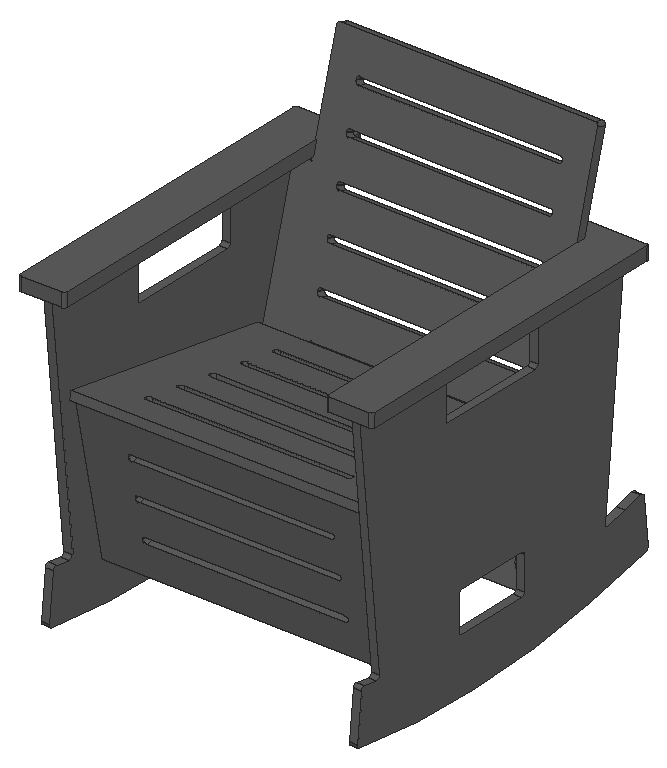
Revit family "Lollygagger Go Club Rocker", category Furniture, Revit 2016
Family settings
  OmniClass Number = 23.40.20.00
  OmniClass Title = General Furniture and Specialties
  Work Plane-Based = No
  Always vertical = Yes
  Cut with Voids When Loaded = No
  Shared = No
  Room Calculation Point = No
Parameters (values of type "Loll-Black")
  Width = 2' - 2"  # constant formula
  URL = "https://lolldesigns.com/"
  Type Image = go_club rocker.jpg
  Thick = 0' - 1"  # constant formula
  Model = ""
  Manufacturer = "Loll"  # constant formula
  Length = 2' - 2 5/8"  # constant formula
  Height Top = 2' - 0"  # constant formula
  Finish Material = Loll-Black
  Apron = 1' - 3 3/4"  # constant formula
Reference planes (in)
  plane 1 "Center Front/Back": y = 0
  plane 2: z = 0
  plane 3 "Center Left/Right": x = 0
  plane 4: z = 24
  plane 5: z = 23
  plane 6: y = 13
  plane 7: y = -13
  plane 8: z = 7.25
  plane 9: x = -13.3125
  plane 10: x = 13.3125
  plane 11: y = 9.97754
  plane 12: y = -9.97778
  plane 13: x = 11.875
  plane 14: x = 11.25
  plane 15: x = -11.875
  plane 16: x = -11.25
  plane 17: x = -9.8125
  plane 18: x = 9.8125
  plane 19: through (0, 12.90709, 32.04181) normal (0, -0.9613, 0.2756)
  plane 20: through (0, 13.50788, 31.86953) normal (0, -0.9613, 0.2756)
  plane 21: through (-60.54339, -180.30144, 45.90478) normal (0, 0.1736, 0.9848)
  plane 22: through (-60.54339, -180.40997, 45.28927) normal (0, 0.1736, 0.9848)
Forms (in)
  Extrusion 1, solid, material "Loll-Black" <- "Finish Material"
    sketch origin (8.0625, 0.28155, 0) x (1, 0, 0) y (0, 1, 0)
      loop
        arc (-21.1258, 12.71845) -> (-21.30201, 12.64546) -> (-21.375, 12.46925) r 0.2492
        line (-21.375, 12.46925) -> (-21.375, -13.03428)
        arc (-21.375, -13.03428) -> (-21.30258, -13.20912) -> (-21.12773, -13.28155) r 0.24727
        line (-21.12773, -13.28155) -> (-18.12227, -13.28155)
        arc (-18.12227, -13.28155) -> (-17.94742, -13.20912) -> (-17.875, -13.03428) r 0.24727
        line (-17.875, -13.03428) -> (-17.875, 10.72442)
        arc (-17.875, 10.72442) -> (-17.80178, 10.9012) -> (-17.625, 10.97442) r 0.25
        line (-17.625, 10.97442) -> (-16.625, 10.97442)
        arc (-16.625, 10.97442) -> (-16.44822, 11.04765) -> (-16.375, 11.22442) r 0.25
        line (-16.375, 11.22442) -> (-16.375, 12.46925)
        arc (-16.375, 12.46925) -> (-16.44799, 12.64546) -> (-16.6242, 12.71845) r 0.2492
        line (-16.6242, 12.71845) -> (-21.1258, 12.71845)
    from 23 to 24
  Extrusion 2, solid, material "Loll-Black" <- "Finish Material"
    sketch origin (-10.5, 0, 0) x (0, 1, 0) y (0, 0, 1)
      loop
        line (12.39892, 23) -> (4.37245, 23) -> (4.37245, 19.25)
        arc (4.37245, 19.25) -> (4.29923, 19.07322) -> (4.12245, 19) r 0.25
        line (4.12245, 19) -> (-4.12245, 19)
        arc (-4.12245, 19) -> (-4.29923, 19.07322) -> (-4.37245, 19.25) r 0.25
        line (-4.37245, 19.25) -> (-4.37245, 23) -> (-12.39892, 23) -> (-10.4896, 4.8341)
        arc (-10.4896, 4.8341) -> (-10.56457, 4.62813) -> (-10.77303, 4.5604) r 0.25
        line (-10.77303, 4.5604) -> (-11.94806, 4.72554)
        arc (-11.94806, 4.72554) -> (-12.13676, 4.67497) -> (-12.23148, 4.5041) r 0.25
        line (-12.23148, 4.5041) -> (-12.5975, 1.02168)
        arc (-12.5975, 1.02168) -> (-12.54352, 0.83867) -> (-12.37616, 0.74704) r 0.25
        line (-12.37616, 0.74704) -> (-6.98369, 0.15476) -> (-1.59178, 0.00395) -> (4.00288, 0.3065) -> (9.19313, 1.03594) -> (14.43463, 2.19533)
        arc (14.43463, 2.19533) -> (14.5835, 2.29332) -> (14.62927, 2.46557) r 0.25
        line (14.62927, 2.46557) -> (14.25865, 5.99185)
        arc (14.25865, 5.99185) -> (14.15215, 6.17138) -> (13.94656, 6.20753) r 0.25
        line (13.94656, 6.20753) -> (12.54978, 5.84098) -> (10.88859, 5.44919)
        arc (10.88859, 5.44919) -> (10.66599, 5.50488) -> (10.58257, 5.71864) r 0.25
        line (10.58257, 5.71864) -> (12.39892, 23)
      loop
        arc (2.85134, 4.20853) -> (3.02811, 4.28175) -> (3.10134, 4.45853) r 0.25
        line (3.10134, 4.45853) -> (3.10134, 7.01155)
        arc (3.10134, 7.01155) -> (3.02811, 7.18832) -> (2.85134, 7.26155) r 0.25
        line (2.85134, 7.26155) -> (-2.85134, 7.26155)
        arc (-2.85134, 7.26155) -> (-3.02811, 7.18832) -> (-3.10134, 7.01155) r 0.25
        line (-3.10134, 7.01155) -> (-3.10134, 4.45853)
        arc (-3.10134, 4.45853) -> (-3.02811, 4.28175) -> (-2.85134, 4.20853) r 0.25
        line (-2.85134, 4.20853) -> (2.85134, 4.20853)
    from -1.375 to -0.75
  Extrusion 3, solid, material "Loll-Black" <- "Finish Material"
    sketch origin (-11.5, 5.46875, 16) x (1, 0, 0) y (0, -1, 0)
      loop
        line (0.44239, 15.2162) -> (-0.55971, 15.2162)
        arc (-0.55971, 15.2162) -> (-1.1804, 14.9591) -> (-1.4375, 14.33841) r 0.87779
        line (-1.4375, 14.33841) -> (-1.4375, 13.33174)
        arc (-1.4375, 13.33174) -> (-1.18399, 12.71971) -> (-0.57196, 12.4662) r 0.86554
        line (-0.57196, 12.4662) -> (0.44086, 12.4662)
        arc (0.44086, 12.4662) -> (1.0572, 12.7215) -> (1.3125, 13.33784) r 0.87164
        line (1.3125, 13.33784) -> (1.3125, 14.34609)
        arc (1.3125, 14.34609) -> (1.05765, 14.96135) -> (0.44239, 15.2162) r 0.87011
      loop
        circle (0.81039, 13.83944) r 0.15388
      loop
        circle (-0.93539, 13.83944) r 0.15388
    from -7 to -6.75
  Extrusion 4, solid, material "Loll-Black" <- "Finish Material"
    sketch origin (-8.0625, 0.28155, 0) x (-1, 0, 0) y (0, -1, 0)
      loop
        line (-21.1258, -12.71845) -> (-16.6242, -12.71845)
        arc (-16.6242, -12.71845) -> (-16.44799, -12.64546) -> (-16.375, -12.46925) r 0.2492
        line (-16.375, -12.46925) -> (-16.375, -11.22442)
        arc (-16.375, -11.22442) -> (-16.44822, -11.04765) -> (-16.625, -10.97442) r 0.25
        line (-16.625, -10.97442) -> (-17.625, -10.97442)
        arc (-17.625, -10.97442) -> (-17.80178, -10.9012) -> (-17.875, -10.72442) r 0.25
        line (-17.875, -10.72442) -> (-17.875, 13.03428)
        arc (-17.875, 13.03428) -> (-17.94742, 13.20912) -> (-18.12227, 13.28155) r 0.24727
        line (-18.12227, 13.28155) -> (-21.12773, 13.28155)
        arc (-21.12773, 13.28155) -> (-21.30258, 13.20912) -> (-21.375, 13.03428) r 0.24727
        line (-21.375, 13.03428) -> (-21.375, -12.46925)
        arc (-21.375, -12.46925) -> (-21.30201, -12.64546) -> (-21.1258, -12.71845) r 0.2492
    from 23 to 24
  Extrusion 5, solid, material "Loll-Black" <- "Finish Material"
    sketch origin (-11.5, 21.33866, 16) x (1, 0, 0) y (0, -1, 0)
      loop
        line (0.44239, 15.2162) -> (-0.55971, 15.2162)
        arc (-0.55971, 15.2162) -> (-1.1804, 14.9591) -> (-1.4375, 14.33841) r 0.87779
        line (-1.4375, 14.33841) -> (-1.4375, 13.33174)
        arc (-1.4375, 13.33174) -> (-1.18399, 12.71971) -> (-0.57196, 12.4662) r 0.86554
        line (-0.57196, 12.4662) -> (0.44086, 12.4662)
        arc (0.44086, 12.4662) -> (1.0572, 12.7215) -> (1.3125, 13.33784) r 0.87164
        line (1.3125, 13.33784) -> (1.3125, 14.34609)
        arc (1.3125, 14.34609) -> (1.05765, 14.96135) -> (0.44239, 15.2162) r 0.87011
      loop
        circle (0.81039, 13.83944) r 0.15388
      loop
        circle (-0.93539, 13.83944) r 0.15388
    from -7 to -6.75
  Extrusion 6, solid, material "Loll-Black" <- "Finish Material"
    sketch origin (11.5, 5.46875, 16) x (1, 0, 0) y (0, -1, 0)
      loop
        arc (-0.44239, 15.2162) -> (-1.05765, 14.96135) -> (-1.3125, 14.34609) r 0.87011
        line (-1.3125, 14.34609) -> (-1.3125, 13.33784)
        arc (-1.3125, 13.33784) -> (-1.0572, 12.7215) -> (-0.44086, 12.4662) r 0.87164
        line (-0.44086, 12.4662) -> (0.57196, 12.4662)
        arc (0.57196, 12.4662) -> (1.18399, 12.71971) -> (1.4375, 13.33174) r 0.86554
        line (1.4375, 13.33174) -> (1.4375, 14.33841)
        arc (1.4375, 14.33841) -> (1.1804, 14.9591) -> (0.55971, 15.2162) r 0.87779
        line (0.55971, 15.2162) -> (-0.44239, 15.2162)
      loop
        circle (-0.81039, 13.83944) r 0.15388
      loop
        circle (0.93539, 13.83944) r 0.15388
    from -7 to -6.75
  Extrusion 7, solid, material "Loll-Black" <- "Finish Material"
    sketch origin (11.5, 21.33866, 16) x (1, 0, 0) y (0, -1, 0)
      loop
        arc (-0.44239, 15.2162) -> (-1.05765, 14.96135) -> (-1.3125, 14.34609) r 0.87011
        line (-1.3125, 14.34609) -> (-1.3125, 13.33784)
        arc (-1.3125, 13.33784) -> (-1.0572, 12.7215) -> (-0.44086, 12.4662) r 0.87164
        line (-0.44086, 12.4662) -> (0.57196, 12.4662)
        arc (0.57196, 12.4662) -> (1.18399, 12.71971) -> (1.4375, 13.33174) r 0.86554
        line (1.4375, 13.33174) -> (1.4375, 14.33841)
        arc (1.4375, 14.33841) -> (1.1804, 14.9591) -> (0.55971, 15.2162) r 0.87779
        line (0.55971, 15.2162) -> (-0.44239, 15.2162)
      loop
        circle (-0.81039, 13.83944) r 0.15388
      loop
        circle (0.93539, 13.83944) r 0.15388
    from -7 to -6.75
  Extrusion 8, solid, material "Loll-Black" <- "Finish Material"
    sketch origin (21.6575, -11.94341, 3.54175) x (1, 0, 0) y (0, 0.984808, -0.173648)
      loop
        line (-32.9075, 16.82099) -> (-32.9075, -0.92901) -> (-10.4075, -0.92901) -> (-10.4075, 16.82099) -> (-32.9075, 16.82099)
      loop
        line (-14.1575, 2.12307) -> (-29.1575, 2.12307)
        arc (-29.1575, 2.12307) -> (-29.33428, 2.04985) -> (-29.4075, 1.87307) r 0.25
        line (-29.4075, 1.87307) -> (-29.4075, 1.81057)
        arc (-29.4075, 1.81057) -> (-29.33428, 1.6338) -> (-29.1575, 1.56057) r 0.25
        line (-29.1575, 1.56057) -> (-14.1575, 1.56057)
        arc (-14.1575, 1.56057) -> (-13.98072, 1.6338) -> (-13.9075, 1.81057) r 0.25
        line (-13.9075, 1.81057) -> (-13.9075, 1.87307)
        arc (-13.9075, 1.87307) -> (-13.98072, 2.04985) -> (-14.1575, 2.12307) r 0.25
      loop
        line (-29.1575, 4.61266) -> (-14.1575, 4.61266)
        arc (-14.1575, 4.61266) -> (-13.98072, 4.68588) -> (-13.9075, 4.86266) r 0.25
        line (-13.9075, 4.86266) -> (-13.9075, 4.92516)
        arc (-13.9075, 4.92516) -> (-13.98072, 5.10193) -> (-14.1575, 5.17516) r 0.25
        line (-14.1575, 5.17516) -> (-29.1575, 5.17516)
        arc (-29.1575, 5.17516) -> (-29.33428, 5.10193) -> (-29.4075, 4.92516) r 0.25
        line (-29.4075, 4.92516) -> (-29.4075, 4.86266)
        arc (-29.4075, 4.86266) -> (-29.33428, 4.68588) -> (-29.1575, 4.61266) r 0.25
      loop
        line (-29.1575, 7.66474) -> (-14.1575, 7.66474)
        arc (-14.1575, 7.66474) -> (-13.98072, 7.73796) -> (-13.9075, 7.91474) r 0.25
        line (-13.9075, 7.91474) -> (-13.9075, 7.97724)
        arc (-13.9075, 7.97724) -> (-13.98072, 8.15402) -> (-14.1575, 8.22724) r 0.25
        line (-14.1575, 8.22724) -> (-29.1575, 8.22724)
        arc (-29.1575, 8.22724) -> (-29.33428, 8.15402) -> (-29.4075, 7.97724) r 0.25
        line (-29.4075, 7.97724) -> (-29.4075, 7.91474)
        arc (-29.4075, 7.91474) -> (-29.33428, 7.73796) -> (-29.1575, 7.66474) r 0.25
      loop
        line (-29.1575, 10.71682) -> (-14.1575, 10.71682)
        arc (-14.1575, 10.71682) -> (-13.98072, 10.79005) -> (-13.9075, 10.96682) r 0.25
        line (-13.9075, 10.96682) -> (-13.9075, 11.02932)
        arc (-13.9075, 11.02932) -> (-13.98072, 11.2061) -> (-14.1575, 11.27932) r 0.25
        line (-14.1575, 11.27932) -> (-29.1575, 11.27932)
        arc (-29.1575, 11.27932) -> (-29.33428, 11.2061) -> (-29.4075, 11.02932) r 0.25
        line (-29.4075, 11.02932) -> (-29.4075, 10.96682)
        arc (-29.4075, 10.96682) -> (-29.33428, 10.79005) -> (-29.1575, 10.71682) r 0.25
      loop
        line (-29.1575, 13.76891) -> (-14.1575, 13.76891)
        arc (-14.1575, 13.76891) -> (-13.98072, 13.84213) -> (-13.9075, 14.01891) r 0.25
        line (-13.9075, 14.01891) -> (-13.9075, 14.08141)
        arc (-13.9075, 14.08141) -> (-13.98072, 14.25818) -> (-14.1575, 14.33141) r 0.25
        line (-14.1575, 14.33141) -> (-29.1575, 14.33141)
        arc (-29.1575, 14.33141) -> (-29.33428, 14.25818) -> (-29.4075, 14.08141) r 0.25
        line (-29.4075, 14.08141) -> (-29.4075, 14.01891)
        arc (-29.4075, 14.01891) -> (-29.33428, 13.84213) -> (-29.1575, 13.76891) r 0.25
    from 11.85938 to 12.48438
  Extrusion 9, solid, material "Loll-Black" <- "Finish Material"
    sketch origin (0.03, 4.57083, 10.76824) x (1, 0, 0) y (0, -0.173648, -0.984808)
      loop
        line (-11.28, -1.875) -> (11.22, -1.875) -> (11.22, 1.6875) -> (-11.28, 1.6875) -> (-11.28, -1.875)
    from 0 to -0.625
  Extrusion 10, solid, material "Loll-Black" <- "Finish Material"
    sketch origin (-11.25, -2.25088, 5.52508) x (0, -0.984808, 0.173648) y (0, -0.173648, -0.984808)
      loop
        line (-2.24394, -8.22308) -> (4.75616, -8.22308) -> (4.7597, -7.57211)
        arc (4.7597, -7.57211) -> (4.50585, -6.94971) -> (3.88624, -6.6891) r 0.87825
        line (3.88624, -6.6891) -> (-1.35994, -6.66058)
        arc (-1.35994, -6.66058) -> (-1.98039, -6.91364) -> (-2.24018, -7.53131) r 0.8755
        line (-2.24018, -7.53131) -> (-2.24394, -8.22308)
      loop
        circle (-0.73698, -7.2694) r 0.15567
      loop
        circle (3.26296, -7.29114) r 0.15567
    from 0 to 0.625
  Extrusion 11, solid, material "Loll-Black" <- "Finish Material"
    sketch origin (11.25, -2.25088, 5.52508) x (0, -0.984808, 0.173648) y (0, 0.173648, 0.984808)
      loop
        line (-2.24394, 8.22308) -> (-2.24018, 7.53131)
        arc (-2.24018, 7.53131) -> (-1.98039, 6.91364) -> (-1.35994, 6.66058) r 0.8755
        line (-1.35994, 6.66058) -> (3.88624, 6.6891)
        arc (3.88624, 6.6891) -> (4.50585, 6.94971) -> (4.7597, 7.57211) r 0.87825
        line (4.7597, 7.57211) -> (4.75616, 8.22308) -> (-2.24394, 8.22308)
      loop
        circle (-0.73698, 7.2694) r 0.15567
      loop
        circle (3.26296, 7.29114) r 0.15567
    from 0 to 0.625
  Extrusion 12, solid, material "Loll-Black" <- "Finish Material"
    sketch origin (0, -9.01647, 8.10038) x (0, 0.207912, -0.978148) y (-1, 0, 0)
      loop
        line (4.90445, 11.25) -> (-7.10154, 11.25) -> (-7.10154, -11.25) -> (4.90445, -11.25) -> (4.90445, 11.25)
      loop
        arc (-0.8143, 7.4375) -> (-0.88752, 7.61428) -> (-1.0643, 7.6875) r 0.25
        line (-1.0643, 7.6875) -> (-1.10232, 7.6875)
        arc (-1.10232, 7.6875) -> (-1.2964, 7.60711) -> (-1.3768, 7.41302) r 0.27448
        line (-1.3768, 7.41302) -> (-1.3768, -7.5625)
        arc (-1.3768, -7.5625) -> (-1.30357, -7.73928) -> (-1.1268, -7.8125) r 0.25
        line (-1.1268, -7.8125) -> (-1.08954, -7.8125)
        arc (-1.08954, -7.8125) -> (-0.89491, -7.73188) -> (-0.8143, -7.53725) r 0.27525
        line (-0.8143, -7.53725) -> (-0.8143, 7.4375)
      loop
        arc (-3.95492, 7.4375) -> (-4.02814, 7.61428) -> (-4.20492, 7.6875) r 0.25
        line (-4.20492, 7.6875) -> (-4.24294, 7.6875)
        arc (-4.24294, 7.6875) -> (-4.43703, 7.60711) -> (-4.51742, 7.41302) r 0.27448
        line (-4.51742, 7.41302) -> (-4.51742, -7.5625)
        arc (-4.51742, -7.5625) -> (-4.4442, -7.73928) -> (-4.26742, -7.8125) r 0.25
        line (-4.26742, -7.8125) -> (-4.23017, -7.8125)
        arc (-4.23017, -7.8125) -> (-4.03554, -7.73188) -> (-3.95492, -7.53725) r 0.27525
        line (-3.95492, -7.53725) -> (-3.95492, 7.4375)
      loop
        line (2.05831, 7.6875) -> (1.97719, 7.6875)
        arc (1.97719, 7.6875) -> (1.82632, 7.62501) -> (1.76383, 7.47414) r 0.21336
        line (1.76383, 7.47414) -> (1.76383, -7.53372)
        arc (1.76383, -7.53372) -> (1.84548, -7.73085) -> (2.04261, -7.8125) r 0.27878
        line (2.04261, -7.8125) -> (2.07633, -7.8125)
        arc (2.07633, -7.8125) -> (2.25311, -7.73928) -> (2.32633, -7.5625) r 0.25
        line (2.32633, -7.5625) -> (2.32633, 7.41948)
        arc (2.32633, 7.41948) -> (2.24783, 7.609) -> (2.05831, 7.6875) r 0.26802
    from 0.86824 to 0.24324
  Extrusion 13, solid, material "Loll-Black" <- "Finish Material"
    sketch origin (0, 5.69791, 4.75226) x (0, -0.275637, -0.961262) y (1, 0, 0)
      loop
        line (1.74346, -11.25) -> (1.74346, 11.25) -> (-18.54654, 11.25) -> (-18.54654, 9.8125) -> (-27.00654, 9.8125)
        arc (-27.00654, 9.8125) -> (-27.18332, 9.73928) -> (-27.25654, 9.5625) r 0.25
        line (-27.25654, 9.5625) -> (-27.25654, -9.5625)
        arc (-27.25654, -9.5625) -> (-27.18332, -9.73928) -> (-27.00654, -9.8125) r 0.25
        line (-27.00654, -9.8125) -> (-18.54654, -9.8125) -> (-18.54654, -11.25) -> (1.74346, -11.25)
      loop
        line (-4.82598, 7.47036) -> (-4.82598, -7.5)
        arc (-4.82598, -7.5) -> (-4.75276, -7.67678) -> (-4.57598, -7.75) r 0.25
        line (-4.57598, -7.75) -> (-4.51348, -7.75)
        arc (-4.51348, -7.75) -> (-4.33671, -7.67678) -> (-4.26348, -7.5) r 0.25
        line (-4.26348, -7.5) -> (-4.26348, 7.5)
        arc (-4.26348, 7.5) -> (-4.33671, 7.67678) -> (-4.51348, 7.75) r 0.25
        line (-4.51348, 7.75) -> (-4.54634, 7.75)
        arc (-4.54634, 7.75) -> (-4.74408, 7.66809) -> (-4.82598, 7.47036) r 0.27964
      loop
        line (-1.54126, 7.47201) -> (-1.54126, -7.5)
        arc (-1.54126, -7.5) -> (-1.46804, -7.67678) -> (-1.29126, -7.75) r 0.25
        line (-1.29126, -7.75) -> (-1.22876, -7.75)
        arc (-1.22876, -7.75) -> (-1.05198, -7.67678) -> (-0.97876, -7.5) r 0.25
        line (-0.97876, -7.5) -> (-0.97876, 7.54138)
        arc (-0.97876, 7.54138) -> (-1.03986, 7.6889) -> (-1.18738, 7.75) r 0.20862
        line (-1.18738, 7.75) -> (-1.26327, 7.75)
        arc (-1.26327, 7.75) -> (-1.45984, 7.66858) -> (-1.54126, 7.47201) r 0.27799
      loop
        arc (-7.48571, 7.54138) -> (-7.54681, 7.6889) -> (-7.69432, 7.75) r 0.20862
        line (-7.69432, 7.75) -> (-7.77021, 7.75)
        arc (-7.77021, 7.75) -> (-7.96678, 7.66858) -> (-8.04821, 7.47201) r 0.27799
        line (-8.04821, 7.47201) -> (-8.04821, -7.5)
        arc (-8.04821, -7.5) -> (-7.97498, -7.67678) -> (-7.79821, -7.75) r 0.25
        line (-7.79821, -7.75) -> (-7.73571, -7.75)
        arc (-7.73571, -7.75) -> (-7.55893, -7.67678) -> (-7.48571, -7.5) r 0.25
        line (-7.48571, -7.5) -> (-7.48571, 7.54138)
      loop
        arc (-10.83293, 7.54138) -> (-10.89403, 7.6889) -> (-11.04154, 7.75) r 0.20862
        line (-11.04154, 7.75) -> (-11.11744, 7.75)
        arc (-11.11744, 7.75) -> (-11.31401, 7.66858) -> (-11.39543, 7.47201) r 0.27799
        line (-11.39543, 7.47201) -> (-11.39543, -7.5)
        arc (-11.39543, -7.5) -> (-11.3222, -7.67678) -> (-11.14543, -7.75) r 0.25
        line (-11.14543, -7.75) -> (-11.08293, -7.75)
        arc (-11.08293, -7.75) -> (-10.90615, -7.67678) -> (-10.83293, -7.5) r 0.25
        line (-10.83293, -7.5) -> (-10.83293, 7.54138)
      loop
        arc (-14.11765, 7.54138) -> (-14.17875, 7.6889) -> (-14.32627, 7.75) r 0.20862
        line (-14.32627, 7.75) -> (-14.40216, 7.75)
        arc (-14.40216, 7.75) -> (-14.59873, 7.66858) -> (-14.68015, 7.47201) r 0.27799
        line (-14.68015, 7.47201) -> (-14.68015, -7.5)
        arc (-14.68015, -7.5) -> (-14.60693, -7.67678) -> (-14.43015, -7.75) r 0.25
        line (-14.43015, -7.75) -> (-14.36765, -7.75)
        arc (-14.36765, -7.75) -> (-14.19087, -7.67678) -> (-14.11765, -7.5) r 0.25
        line (-14.11765, -7.5) -> (-14.11765, 7.54138)
      loop
        arc (-17.40237, 7.54138) -> (-17.46347, 7.6889) -> (-17.61099, 7.75) r 0.20862
        line (-17.61099, 7.75) -> (-17.68688, 7.75)
        arc (-17.68688, 7.75) -> (-17.88345, 7.66858) -> (-17.96487, 7.47201) r 0.27799
        line (-17.96487, 7.47201) -> (-17.96487, -7.5)
        arc (-17.96487, -7.5) -> (-17.89165, -7.67678) -> (-17.71487, -7.75) r 0.25
        line (-17.71487, -7.75) -> (-17.65237, -7.75)
        arc (-17.65237, -7.75) -> (-17.4756, -7.67678) -> (-17.40237, -7.5) r 0.25
        line (-17.40237, -7.5) -> (-17.40237, 7.54138)
      loop
        arc (-20.68709, 7.54138) -> (-20.7482, 7.6889) -> (-20.89571, 7.75) r 0.20862
        line (-20.89571, 7.75) -> (-20.9716, 7.75)
        arc (-20.9716, 7.75) -> (-21.16817, 7.66858) -> (-21.24959, 7.47201) r 0.27799
        line (-21.24959, 7.47201) -> (-21.24959, -7.5)
        arc (-21.24959, -7.5) -> (-21.17637, -7.67678) -> (-20.99959, -7.75) r 0.25
        line (-20.99959, -7.75) -> (-20.93709, -7.75)
        arc (-20.93709, -7.75) -> (-20.76032, -7.67678) -> (-20.68709, -7.5) r 0.25
        line (-20.68709, -7.5) -> (-20.68709, 7.54138)
      loop
        arc (-23.97182, 7.54138) -> (-24.03292, 7.6889) -> (-24.18043, 7.75) r 0.20862
        line (-24.18043, 7.75) -> (-24.25632, 7.75)
        arc (-24.25632, 7.75) -> (-24.45289, 7.66858) -> (-24.53432, 7.47201) r 0.27799
        line (-24.53432, 7.47201) -> (-24.53432, -7.5)
        arc (-24.53432, -7.5) -> (-24.46109, -7.67678) -> (-24.28432, -7.75) r 0.25
        line (-24.28432, -7.75) -> (-24.22182, -7.75)
        arc (-24.22182, -7.75) -> (-24.04504, -7.67678) -> (-23.97182, -7.5) r 0.25
        line (-23.97182, -7.5) -> (-23.97182, 7.54138)
    from 0.59211 to -0.03289
  Extrusion 14, solid, material "Loll-Black" <- "Finish Material"
    sketch origin (-11.25, -1.76831, 11.50626) x (0, -0.275637, -0.961262) y (0, 0.961262, -0.275637)
      loop
        line (-2.25061, 8.44654) -> (-2.2468, 7.746)
        arc (-2.2468, 7.746) -> (-1.98701, 7.12834) -> (-1.36656, 6.87528) r 0.8755
        line (-1.36656, 6.87528) -> (3.87962, 6.9038)
        arc (3.87962, 6.9038) -> (4.49923, 7.1644) -> (4.75308, 7.78681) r 0.87825
        line (4.75308, 7.78681) -> (4.74949, 8.44654) -> (-2.25061, 8.44654)
      loop
        circle (-0.74982, 7.50656) r 0.15567
      loop
        circle (3.2542, 7.50521) r 0.15567
    from 0 to 0.625
  Extrusion 15, solid, material "Loll-Black" <- "Finish Material"
    sketch origin (11.25, -1.7759, 11.4798) x (0, -0.275637, -0.961262) y (0, -0.961262, 0.275637)
      loop
        line (-2.27813, -8.44654) -> (4.72197, -8.44654) -> (4.72559, -7.78142)
        arc (4.72559, -7.78142) -> (4.47174, -7.15901) -> (3.85213, -6.89841) r 0.87825
        line (3.85213, -6.89841) -> (-1.39405, -6.86989)
        arc (-1.39405, -6.86989) -> (-2.01451, -7.12295) -> (-2.27429, -7.74061) r 0.8755
        line (-2.27429, -7.74061) -> (-2.27813, -8.44654)
      loop
        circle (-0.77665, -7.50586) r 0.15567
      loop
        circle (3.22492, -7.50776) r 0.15567
    from 0 to 0.625
  Extrusion 16, solid, material "Loll-Black" <- "Finish Material"
    sketch origin (-11.25, -0.64221, 12.83916) x (0, 0.207912, -0.978148) y (0, 0.978148, 0.207912)
      loop
        line (-1.69305, -8.30827) -> (5.30705, -8.30827) -> (5.31066, -7.64558)
        arc (5.31066, -7.64558) -> (5.0568, -7.02318) -> (4.4372, -6.76258) r 0.87825
        line (4.4372, -6.76258) -> (-0.80898, -6.73406)
        arc (-0.80898, -6.73406) -> (-1.42944, -6.98712) -> (-1.68923, -7.60478) r 0.8755
        line (-1.68923, -7.60478) -> (-1.69305, -8.30827)
      loop
        circle (-0.18612, -7.36077) r 0.15567
      loop
        circle (3.81382, -7.38252) r 0.15567
    from 0 to 0.625
  Extrusion 17, solid, material "Loll-Black" <- "Finish Material"
    sketch origin (11.25, -0.64531, 12.26993) x (0, 0.207912, -0.978148) y (0, -0.978148, -0.207912)
      loop
        line (-2.2492, 8.18689) -> (-2.24537, 7.4834)
        arc (-2.24537, 7.4834) -> (-1.98559, 6.86574) -> (-1.36513, 6.61268) r 0.8755
        line (-1.36513, 6.61268) -> (3.88105, 6.6412)
        arc (3.88105, 6.6412) -> (4.50065, 6.9018) -> (4.75451, 7.52421) r 0.87825
        line (4.75451, 7.52421) -> (4.75091, 8.18689) -> (-2.2492, 8.18689)
      loop
        circle (-0.74227, 7.2394) r 0.15567
      loop
        circle (3.25767, 7.26114) r 0.15567
    from 0 to 0.625
  Extrusion 18, solid, material "Loll-Black" <- "Finish Material"
    sketch origin (8.5, 0, 0) x (0, 1, 0) y (0, 0, 1)
      loop
        line (12.39892, 23) -> (4.37245, 23) -> (4.37245, 19.25)
        arc (4.37245, 19.25) -> (4.29923, 19.07322) -> (4.12245, 19) r 0.25
        line (4.12245, 19) -> (-4.12245, 19)
        arc (-4.12245, 19) -> (-4.29923, 19.07322) -> (-4.37245, 19.25) r 0.25
        line (-4.37245, 19.25) -> (-4.37245, 23) -> (-12.39892, 23) -> (-10.4896, 4.8341)
        arc (-10.4896, 4.8341) -> (-10.56457, 4.62813) -> (-10.77303, 4.5604) r 0.25
        line (-10.77303, 4.5604) -> (-11.94806, 4.72554)
        arc (-11.94806, 4.72554) -> (-12.13676, 4.67497) -> (-12.23148, 4.5041) r 0.25
        line (-12.23148, 4.5041) -> (-12.5975, 1.02168)
        arc (-12.5975, 1.02168) -> (-12.54352, 0.83867) -> (-12.37616, 0.74704) r 0.25
        line (-12.37616, 0.74704) -> (-6.98369, 0.15476) -> (-1.59178, 0.00395) -> (4.00288, 0.3065) -> (9.19313, 1.03594) -> (14.43463, 2.19533)
        arc (14.43463, 2.19533) -> (14.5835, 2.29332) -> (14.62927, 2.46557) r 0.25
        line (14.62927, 2.46557) -> (14.25865, 5.99185)
        arc (14.25865, 5.99185) -> (14.15215, 6.17138) -> (13.94656, 6.20753) r 0.25
        line (13.94656, 6.20753) -> (12.54978, 5.84098) -> (10.88859, 5.44919)
        arc (10.88859, 5.44919) -> (10.66599, 5.50488) -> (10.58257, 5.71864) r 0.25
        line (10.58257, 5.71864) -> (12.39892, 23)
      loop
        arc (2.85134, 4.20853) -> (3.02811, 4.28175) -> (3.10134, 4.45853) r 0.25
        line (3.10134, 4.45853) -> (3.10134, 7.01155)
        arc (3.10134, 7.01155) -> (3.02811, 7.18832) -> (2.85134, 7.26155) r 0.25
        line (2.85134, 7.26155) -> (-2.85134, 7.26155)
        arc (-2.85134, 7.26155) -> (-3.02811, 7.18832) -> (-3.10134, 7.01155) r 0.25
        line (-3.10134, 7.01155) -> (-3.10134, 4.45853)
        arc (-3.10134, 4.45853) -> (-3.02811, 4.28175) -> (-2.85134, 4.20853) r 0.25
        line (-2.85134, 4.20853) -> (2.85134, 4.20853)
    from 2.75 to 3.375
Lines and regions (in)
  Masking region 1
    outline origin (0, 0, 0) x (1, 0, 0) y (0, 0, 1)
      loop
        line (-8.3125, 24) -> (-13.3125, 24) -> (-13.3125, 23) -> (-8.3125, 23) -> (-8.3125, 24)
      loop
        line (13.3125, 23) -> (13.3125, 24) -> (8.3125, 24) -> (8.3125, 23) -> (13.3125, 23)
  Masking region 2
    outline origin (0, 0, 0) x (0, 1, 0) y (0, 0, 1)
      loop
        line (13, 24) -> (-13, 24) -> (-13, 23) -> (13, 23) -> (13, 24)
  Masking region 3
    outline origin (0, 0, 0) x (0, 1, 0) y (0, 0, 1)
      loop
        line (-12.39892, 23) -> (-10.4896, 4.8341)
        arc (-10.4896, 4.8341) -> (-10.56457, 4.62813) -> (-10.77303, 4.5604) r 0.25
        line (-10.77303, 4.5604) -> (-11.94806, 4.72554)
        arc (-11.94806, 4.72554) -> (-12.13676, 4.67497) -> (-12.23148, 4.5041) r 0.25
        line (-12.23148, 4.5041) -> (-12.5975, 1.02168)
        arc (-12.5975, 1.02168) -> (-12.54352, 0.83867) -> (-12.37616, 0.74704) r 0.25
        line (-12.37616, 0.74704) -> (-6.98369, 0.15476) -> (-1.59178, 0.00395) -> (4.00288, 0.3065) -> (9.19313, 1.03594) -> (14.43468, 2.1951)
        arc (14.43468, 2.1951) -> (14.5835, 2.29332) -> (14.62927, 2.46557) r 0.25
        line (14.62927, 2.46557) -> (14.25865, 5.99185)
        arc (14.25865, 5.99185) -> (14.15215, 6.17138) -> (13.94656, 6.20753) r 0.25
        line (13.94656, 6.20753) -> (12.54978, 5.84098) -> (10.88859, 5.44919)
        arc (10.88859, 5.44919) -> (10.66599, 5.50488) -> (10.58257, 5.71864) r 0.25
        line (10.58257, 5.71864) -> (12.39892, 23) -> (4.37245, 23) -> (4.37245, 19.25)
        arc (4.37245, 19.25) -> (4.29923, 19.07322) -> (4.12245, 19) r 0.25
        line (4.12245, 19) -> (-4.12245, 19)
        arc (-4.12245, 19) -> (-4.29923, 19.07322) -> (-4.37245, 19.25) r 0.25
        line (-4.37245, 19.25) -> (-4.37245, 23) -> (-12.39892, 23)
      loop
        line (12.64166, 31.11613) -> (10.60114, 24) -> (11.25133, 24) -> (13.24245, 30.94386) -> (12.64166, 31.11613)
      loop
        line (-3.10134, 7.01155) -> (-3.10134, 4.45853)
        arc (-3.10134, 4.45853) -> (-3.02811, 4.28175) -> (-2.85134, 4.20853) r 0.25
        line (-2.85134, 4.20853) -> (2.85134, 4.20853)
        arc (2.85134, 4.20853) -> (3.02811, 4.28175) -> (3.10134, 4.45853) r 0.25
        line (3.10134, 4.45853) -> (3.10134, 7.01155)
        arc (3.10134, 7.01155) -> (3.02811, 7.18832) -> (2.85134, 7.26155) r 0.25
        line (2.85134, 7.26155) -> (-2.85134, 7.26155)
        arc (-2.85134, 7.26155) -> (-3.02811, 7.18832) -> (-3.10134, 7.01155) r 0.25
  Masking region 4
    outline origin (0, 0, 0) x (1, 0, 0) y (0, 1, 0)
      loop
        arc (-9.8125, 12.7508) -> (-9.88549, 12.92701) -> (-10.0617, 13) r 0.2492
        line (-10.0617, 13) -> (-13.0633, 13)
        arc (-13.0633, 13) -> (-13.23951, 12.92701) -> (-13.3125, 12.7508) r 0.2492
        line (-13.3125, 12.7508) -> (-13.3125, -12.75)
        arc (-13.3125, -12.75) -> (-13.23928, -12.92678) -> (-13.0625, -13) r 0.25
        line (-13.0625, -13) -> (-10.0625, -13)
        arc (-10.0625, -13) -> (-9.88572, -12.92678) -> (-9.8125, -12.75) r 0.25
        line (-9.8125, -12.75) -> (-9.8125, 12.7508)
      loop
        line (9.8125, 12.75) -> (9.8125, -12.75)
        arc (9.8125, -12.75) -> (9.88572, -12.92678) -> (10.0625, -13) r 0.25
        line (10.0625, -13) -> (13.0625, -13)
        arc (13.0625, -13) -> (13.23928, -12.92678) -> (13.3125, -12.75) r 0.25
        line (13.3125, -12.75) -> (13.3125, 12.75)
        arc (13.3125, 12.75) -> (13.23928, 12.92678) -> (13.0625, 13) r 0.25
        line (13.0625, 13) -> (10.0625, 13)
        arc (10.0625, 13) -> (9.88572, 12.92678) -> (9.8125, 12.75) r 0.25
  Masking region 5
    outline origin (0, 0, 0) x (1, 0, 0) y (0, 0, 1)
      loop
        line (12.9375, 23) -> (11.25, 23) -> (11.25, 0) -> (11.875, 0) -> (11.875, 22.75) -> (12.9375, 22.75) -> (12.9375, 23)
      loop
        line (-12.9375, 23) -> (-12.9375, 22.75) -> (-11.875, 22.75) -> (-11.875, 0) -> (-11.25, 0) -> (-11.25, 22.75) -> (-9.68865, 22.75) -> (-9.68865, 23) -> (-12.9375, 23)
  Masking region 6
    outline origin (0, 0, 0) x (1, 0, 0) y (0, 0, 1)
      loop
        line (9.8125, 22.75) -> (9.8125, 30.86792)
        arc (9.8125, 30.86792) -> (9.73928, 31.04469) -> (9.5625, 31.11792) r 0.25
        line (9.5625, 31.11792) -> (-9.5625, 31.11792)
        arc (-9.5625, 31.11792) -> (-9.73928, 31.04469) -> (-9.8125, 30.86792) r 0.25
        line (-9.8125, 30.86792) -> (-9.8125, 22.75) -> (-11.25, 22.75) -> (-11.25, 3.06727) -> (11.25, 3.06727) -> (11.25, 22.75) -> (9.8125, 22.75)
      loop
        spline (7.54138, 18.48801) -> (7.56462, 18.48925) -> (7.58756, 18.49298) -> (7.60992, 18.49914) -> (7.63144, 18.50765) -> (7.65183, 18.51842) -> (7.67085, 18.5313) -> (7.68826, 18.54613) -> (7.70385, 18.56274) -> (7.71741, 18.58091) -> (7.72878, 18.60043) -> (7.73782, 18.62103) -> (7.74442, 18.64248)
        spline (7.74442, 18.64248) -> (7.73634, 18.67197) -> (7.72481, 18.70038) -> (7.70999, 18.72734) -> (7.69207, 18.7525) -> (7.67128, 18.77554) -> (7.6479, 18.79615) -> (7.62223, 18.81407) -> (7.5946, 18.82905) -> (7.56538, 18.84092) -> (7.53494, 18.84951) -> (7.50368, 18.8547) -> (7.47201, 18.85644)
        line (7.47201, 18.85644) -> (-7.5, 18.85644)
        spline (-7.5, 18.85644) -> (-7.52776, 18.85496) -> (-7.55517, 18.85052) -> (-7.58191, 18.84318) -> (-7.60763, 18.83303) -> (-7.63202, 18.8202) -> (-7.65477, 18.80485) -> (-7.67562, 18.78716) -> (-7.69429, 18.76736) -> (-7.71056, 18.74569) -> (-7.72422, 18.72241) -> (-7.73511, 18.69782) -> (-7.74309, 18.67223)
        spline (-7.74309, 18.67223) -> (-7.73511, 18.64663) -> (-7.72422, 18.62204) -> (-7.71056, 18.59876) -> (-7.69429, 18.57709) -> (-7.67562, 18.55729) -> (-7.65477, 18.5396) -> (-7.63202, 18.52425) -> (-7.60763, 18.51142) -> (-7.58191, 18.50127) -> (-7.55517, 18.49393) -> (-7.52776, 18.48949) -> (-7.5, 18.48801)
        line (-7.5, 18.48801) -> (7.54138, 18.48801)
      loop
        spline (7.54138, 21.64548) -> (7.56462, 21.64673) -> (7.58756, 21.65046) -> (7.60992, 21.65662) -> (7.63144, 21.66513) -> (7.65183, 21.6759) -> (7.67085, 21.68878) -> (7.68826, 21.70361) -> (7.70385, 21.72022) -> (7.71741, 21.73839) -> (7.72878, 21.7579) -> (7.73782, 21.77851) -> (7.74442, 21.79996)
        spline (7.74442, 21.79996) -> (7.73634, 21.82945) -> (7.72481, 21.85785) -> (7.70999, 21.88482) -> (7.69207, 21.90998) -> (7.67128, 21.93302) -> (7.6479, 21.95363) -> (7.62223, 21.97154) -> (7.5946, 21.98653) -> (7.56538, 21.9984) -> (7.53494, 22.00698) -> (7.50368, 22.01218) -> (7.47201, 22.01392)
        line (7.47201, 22.01392) -> (-7.5, 22.01392)
        spline (-7.5, 22.01392) -> (-7.52776, 22.01243) -> (-7.55517, 22.008) -> (-7.58191, 22.00066) -> (-7.60763, 21.99051) -> (-7.63202, 21.97768) -> (-7.65477, 21.96233) -> (-7.67562, 21.94464) -> (-7.69429, 21.92484) -> (-7.71056, 21.90317) -> (-7.72422, 21.87989) -> (-7.73511, 21.8553) -> (-7.74309, 21.8297)
        spline (-7.74309, 21.8297) -> (-7.73511, 21.8041) -> (-7.72422, 21.77951) -> (-7.71056, 21.75624) -> (-7.69429, 21.73457) -> (-7.67562, 21.71476) -> (-7.65477, 21.69708) -> (-7.63202, 21.68172) -> (-7.60763, 21.6689) -> (-7.58191, 21.65875) -> (-7.55517, 21.65141) -> (-7.52776, 21.64697) -> (-7.5, 21.64548)
        line (-7.5, 21.64548) -> (7.54138, 21.64548)
      loop
        spline (7.54138, 24.80296) -> (7.56462, 24.80421) -> (7.58756, 24.80794) -> (7.60992, 24.81409) -> (7.63144, 24.82261) -> (7.65183, 24.83337) -> (7.67085, 24.84625) -> (7.68826, 24.86109) -> (7.70385, 24.8777) -> (7.71741, 24.89587) -> (7.72878, 24.91538) -> (7.73782, 24.93599) -> (7.74442, 24.95744)
        spline (7.74442, 24.95744) -> (7.73634, 24.98692) -> (7.72481, 25.01533) -> (7.70999, 25.04229) -> (7.69207, 25.06746) -> (7.67128, 25.0905) -> (7.6479, 25.11111) -> (7.62223, 25.12902) -> (7.5946, 25.14401) -> (7.56538, 25.15587) -> (7.53494, 25.16446) -> (7.50368, 25.16966) -> (7.47201, 25.1714)
        line (7.47201, 25.1714) -> (-7.5, 25.1714)
        spline (-7.5, 25.1714) -> (-7.52776, 25.16991) -> (-7.55517, 25.16547) -> (-7.58191, 25.15813) -> (-7.60763, 25.14799) -> (-7.63202, 25.13516) -> (-7.65477, 25.11981) -> (-7.67562, 25.10212) -> (-7.69429, 25.08232) -> (-7.71056, 25.06064) -> (-7.72422, 25.03737) -> (-7.73511, 25.01278) -> (-7.74309, 24.98718)
        spline (-7.74309, 24.98718) -> (-7.73511, 24.96158) -> (-7.72422, 24.93699) -> (-7.71056, 24.91372) -> (-7.69429, 24.89204) -> (-7.67562, 24.87224) -> (-7.65477, 24.85455) -> (-7.63202, 24.8392) -> (-7.60763, 24.82637) -> (-7.58191, 24.81623) -> (-7.55517, 24.80889) -> (-7.52776, 24.80445) -> (-7.5, 24.80296)
        line (-7.5, 24.80296) -> (7.54138, 24.80296)
      loop
        spline (7.54138, 27.96044) -> (7.56462, 27.96169) -> (7.58756, 27.96541) -> (7.60992, 27.97157) -> (7.63144, 27.98009) -> (7.65183, 27.99085) -> (7.67085, 28.00373) -> (7.68826, 28.01857) -> (7.70385, 28.03518) -> (7.71741, 28.05335) -> (7.72878, 28.07286) -> (7.73782, 28.09347) -> (7.74442, 28.11491)
        spline (7.74442, 28.11491) -> (7.73634, 28.1444) -> (7.72481, 28.17281) -> (7.70999, 28.19977) -> (7.69207, 28.22494) -> (7.67128, 28.24797) -> (7.6479, 28.26858) -> (7.62223, 28.2865) -> (7.5946, 28.30149) -> (7.56538, 28.31335) -> (7.53494, 28.32194) -> (7.50368, 28.32714) -> (7.47201, 28.32888)
        line (7.47201, 28.32888) -> (-7.5, 28.32888)
        spline (-7.5, 28.32888) -> (-7.52776, 28.32739) -> (-7.55517, 28.32295) -> (-7.58191, 28.31561) -> (-7.60763, 28.30547) -> (-7.63202, 28.29264) -> (-7.65477, 28.27728) -> (-7.67562, 28.2596) -> (-7.69429, 28.23979) -> (-7.71056, 28.21812) -> (-7.72422, 28.19485) -> (-7.73511, 28.17026) -> (-7.74309, 28.14466)
        spline (-7.74309, 28.14466) -> (-7.73511, 28.11906) -> (-7.72422, 28.09447) -> (-7.71056, 28.07119) -> (-7.69429, 28.04952) -> (-7.67562, 28.02972) -> (-7.65477, 28.01203) -> (-7.63202, 27.99668) -> (-7.60763, 27.98385) -> (-7.58191, 27.9737) -> (-7.55517, 27.96637) -> (-7.52776, 27.96193) -> (-7.5, 27.96044)
        line (-7.5, 27.96044) -> (7.54138, 27.96044)
      loop
        spline (7.52499, 6.0054) -> (7.54285, 6.00622) -> (7.56053, 6.00868) -> (7.57784, 6.01275) -> (7.59461, 6.01839) -> (7.61066, 6.02554) -> (7.62584, 6.03413) -> (7.63998, 6.04407) -> (7.65294, 6.05526) -> (7.66458, 6.06758) -> (7.6748, 6.0809) -> (7.68347, 6.0951) -> (7.69051, 6.11002)
        spline (7.69051, 6.11002) -> (7.67729, 6.12716) -> (7.66275, 6.1432) -> (7.64701, 6.15803) -> (7.63015, 6.17156) -> (7.61228, 6.1837) -> (7.59352, 6.19438) -> (7.57397, 6.20354) -> (7.55377, 6.21111) -> (7.53304, 6.21705) -> (7.5119, 6.22132) -> (7.4905, 6.22389) -> (7.46896, 6.22475)
        line (7.46896, 6.22475) -> (-7.49711, 6.22475)
        spline (-7.49711, 6.22475) -> (-7.51559, 6.22405) -> (-7.53397, 6.22195) -> (-7.55214, 6.21847) -> (-7.56999, 6.21362) -> (-7.58743, 6.20744) -> (-7.60436, 6.19996) -> (-7.62067, 6.19121) -> (-7.63628, 6.18126) -> (-7.65109, 6.17015) -> (-7.66503, 6.15796) -> (-7.678, 6.14475) -> (-7.68995, 6.13059)
        spline (-7.68995, 6.13059) -> (-7.68096, 6.11268) -> (-7.67002, 6.09565) -> (-7.65723, 6.07969) -> (-7.64271, 6.06495) -> (-7.62662, 6.05157) -> (-7.60912, 6.03969) -> (-7.59037, 6.02943) -> (-7.57057, 6.0209) -> (-7.54991, 6.01417) -> (-7.52861, 6.00931) -> (-7.50687, 6.00638) -> (-7.4849, 6.0054)
        line (-7.4849, 6.0054) -> (7.52499, 6.0054)
  Masking region 7
    outline origin (0, 0, 0) x (1, 0, 0) y (0, 1, 0)
      loop
        line (-9.8125, 13.17874) -> (-9.8125, -10.79895) -> (9.8125, -10.79895) -> (9.8125, 13.17963)
        arc (9.8125, 13.17963) -> (9.79978, 13.19836) -> (9.78078, 13.21068) r 0.05712
        arc (9.78078, 13.21068) -> (9.72872, 13.23232) -> (9.6732, 13.24213) r 0.25772
        line (9.6732, 13.24213) -> (-9.66725, 13.24213)
        arc (-9.66725, 13.24213) -> (-9.72586, 13.23281) -> (-9.78078, 13.21031) r 0.2574
        arc (-9.78078, 13.21031) -> (-9.79988, 13.19778) -> (-9.8125, 13.17874) r 0.05678
  Masking region 8
    outline origin (0, 0, 0) x (1, 0, 0) y (0, 1, 0)
      loop
        line (-11.875, 14.62925) -> (-11.875, 13) -> (-11.25, 13) -> (-11.25, 14.62925) -> (-11.875, 14.62925)
      loop
        line (11.875, 14.62925) -> (11.25, 14.62925) -> (11.25, 13) -> (11.875, 13) -> (11.875, 14.62925)
  symbolic lines
    curve 1: line (0, 9.97754, 23) -> (0, -9.97778, 23)
  symbolic lines, style "Furniture", detail levels medium+fine
    curve 2: line (-7.5, 1.33244, 0) -> (7.5, 1.33244, 0)
    curve 3: line (-7.75, 1.02469, 0) -> (-7.75, 1.08624, 0)
    curve 4: spline (-7.5, 0.77849, 0) -> (-7.53263, 0.78059, 0) -> (-7.5647, 0.78687, 0) -> (-7.59567, 0.79723, 0) -> (-7.625, 0.81147, 0) -> (-7.65219, 0.82936, 0) -> (-7.67678, 0.8506, 0) -> (-7.69834, 0.87481, 0) -> (-7.71651, 0.90159, 0) -> (-7.73097, 0.93047, 0) -> (-7.74148, 0.96097, 0) -> (-7.74786, 0.99255, 0) -> (-7.75, 1.02469, 0)
    curve 5: spline (-7.75, 1.08624, 0) -> (-7.74786, 1.11837, 0) -> (-7.74148, 1.14996, 0) -> (-7.73097, 1.18046, 0) -> (-7.71651, 1.20934, 0) -> (-7.69834, 1.23612, 0) -> (-7.67678, 1.26033, 0) -> (-7.65219, 1.28156, 0) -> (-7.625, 1.29946, 0) -> (-7.59567, 1.3137, 0) -> (-7.5647, 1.32405, 0) -> (-7.53263, 1.33033, 0) -> (-7.5, 1.33244, 0)
    curve 6: line (7.5, 0.77849, 0) -> (-7.5, 0.77849, 0)
    curve 7: spline (7.75, 1.02469, 0) -> (7.74786, 0.99255, 0) -> (7.74148, 0.96097, 0) -> (7.73097, 0.93047, 0) -> (7.71651, 0.90159, 0) -> (7.69834, 0.87481, 0) -> (7.67678, 0.8506, 0) -> (7.65219, 0.82936, 0) -> (7.625, 0.81147, 0) -> (7.59567, 0.79723, 0) -> (7.5647, 0.78687, 0) -> (7.53263, 0.78059, 0) -> (7.5, 0.77849, 0)
    curve 8: spline (7.5, 1.33244, 0) -> (7.53263, 1.33033, 0) -> (7.5647, 1.32405, 0) -> (7.59567, 1.3137, 0) -> (7.625, 1.29946, 0) -> (7.65219, 1.28156, 0) -> (7.67678, 1.26033, 0) -> (7.69834, 1.23612, 0) -> (7.71651, 1.20934, 0) -> (7.73097, 1.18046, 0) -> (7.74148, 1.14996, 0) -> (7.74786, 1.11837, 0) -> (7.75, 1.08624, 0)
    curve 9: line (7.75, 1.08624, 0) -> (7.75, 1.02469, 0)
    curve 10: line (-7.5, 4.33816, 0) -> (7.5, 4.33816, 0)
    curve 11: line (-7.75, 4.0304, 0) -> (-7.75, 4.09195, 0)
    curve 12: spline (-7.5, 3.7842, 0) -> (-7.53263, 3.78631, 0) -> (-7.5647, 3.79259, 0) -> (-7.59567, 3.80294, 0) -> (-7.625, 3.81719, 0) -> (-7.65219, 3.83508, 0) -> (-7.67678, 3.85631, 0) -> (-7.69834, 3.88052, 0) -> (-7.71651, 3.9073, 0) -> (-7.73097, 3.93619, 0) -> (-7.74148, 3.96668, 0) -> (-7.74786, 3.99827, 0) -> (-7.75, 4.0304, 0)
    curve 13: spline (-7.75, 4.09195, 0) -> (-7.74786, 4.12409, 0) -> (-7.74148, 4.15568, 0) -> (-7.73097, 4.18617, 0) -> (-7.71651, 4.21505, 0) -> (-7.69834, 4.24183, 0) -> (-7.67678, 4.26604, 0) -> (-7.65219, 4.28728, 0) -> (-7.625, 4.30517, 0) -> (-7.59567, 4.31941, 0) -> (-7.5647, 4.32977, 0) -> (-7.53263, 4.33605, 0) -> (-7.5, 4.33816, 0)
    curve 14: line (7.5, 3.7842, 0) -> (-7.5, 3.7842, 0)
    curve 15: spline (7.75, 4.0304, 0) -> (7.74786, 3.99827, 0) -> (7.74148, 3.96668, 0) -> (7.73097, 3.93619, 0) -> (7.71651, 3.9073, 0) -> (7.69834, 3.88052, 0) -> (7.67678, 3.85631, 0) -> (7.65219, 3.83508, 0) -> (7.625, 3.81719, 0) -> (7.59567, 3.80294, 0) -> (7.5647, 3.79259, 0) -> (7.53263, 3.78631, 0) -> (7.5, 3.7842, 0)
    curve 16: spline (7.5, 4.33816, 0) -> (7.53263, 4.33605, 0) -> (7.5647, 4.32977, 0) -> (7.59567, 4.31941, 0) -> (7.625, 4.30517, 0) -> (7.65219, 4.28728, 0) -> (7.67678, 4.26604, 0) -> (7.69834, 4.24183, 0) -> (7.71651, 4.21505, 0) -> (7.73097, 4.18617, 0) -> (7.74148, 4.15568, 0) -> (7.74786, 4.12409, 0) -> (7.75, 4.09195, 0)
    curve 17: line (7.75, 4.09195, 0) -> (7.75, 4.0304, 0)
    curve 18: line (-7.5, -1.78181, 0) -> (7.5, -1.78181, 0)
    curve 19: line (-7.75, -2.08956, 0) -> (-7.75, -2.02801, 0)
    curve 20: spline (-7.5, -2.33576, 0) -> (-7.53263, -2.33365, 0) -> (-7.5647, -2.32737, 0) -> (-7.59567, -2.31702, 0) -> (-7.625, -2.30278, 0) -> (-7.65219, -2.28488, 0) -> (-7.67678, -2.26365, 0) -> (-7.69834, -2.23944, 0) -> (-7.71651, -2.21266, 0) -> (-7.73097, -2.18378, 0) -> (-7.74148, -2.15328, 0) -> (-7.74786, -2.12169, 0) -> (-7.75, -2.08956, 0)
    curve 21: spline (-7.75, -2.02801, 0) -> (-7.74786, -1.99587, 0) -> (-7.74148, -1.96429, 0) -> (-7.73097, -1.93379, 0) -> (-7.71651, -1.90491, 0) -> (-7.69834, -1.87813, 0) -> (-7.67678, -1.85392, 0) -> (-7.65219, -1.83268, 0) -> (-7.625, -1.81479, 0) -> (-7.59567, -1.80055, 0) -> (-7.5647, -1.79019, 0) -> (-7.53263, -1.78391, 0) -> (-7.5, -1.78181, 0)
    curve 22: line (7.5, -2.33576, 0) -> (-7.5, -2.33576, 0)
    curve 23: spline (7.75, -2.08956, 0) -> (7.74786, -2.12169, 0) -> (7.74148, -2.15328, 0) -> (7.73097, -2.18378, 0) -> (7.71651, -2.21266, 0) -> (7.69834, -2.23944, 0) -> (7.67678, -2.26365, 0) -> (7.65219, -2.28488, 0) -> (7.625, -2.30278, 0) -> (7.59567, -2.31702, 0) -> (7.5647, -2.32737, 0) -> (7.53263, -2.33365, 0) -> (7.5, -2.33576, 0)
    curve 24: spline (7.5, -1.78181, 0) -> (7.53263, -1.78391, 0) -> (7.5647, -1.79019, 0) -> (7.59567, -1.80055, 0) -> (7.625, -1.81479, 0) -> (7.65219, -1.83268, 0) -> (7.67678, -1.85392, 0) -> (7.69834, -1.87813, 0) -> (7.71651, -1.90491, 0) -> (7.73097, -1.93379, 0) -> (7.74148, -1.96429, 0) -> (7.74786, -1.99587, 0) -> (7.75, -2.02801, 0)
    curve 25: line (7.75, -2.02801, 0) -> (7.75, -2.08956, 0)
    curve 26: line (-7.5, -4.78752, 0) -> (7.5, -4.78752, 0)
    curve 27: line (-7.75, -5.09527, 0) -> (-7.75, -5.03372, 0)
    curve 28: spline (-7.5, -5.34148, 0) -> (-7.53263, -5.33937, 0) -> (-7.5647, -5.33309, 0) -> (-7.59567, -5.32273, 0) -> (-7.625, -5.30849, 0) -> (-7.65219, -5.2906, 0) -> (-7.67678, -5.26936, 0) -> (-7.69834, -5.24515, 0) -> (-7.71651, -5.21837, 0) -> (-7.73097, -5.18949, 0) -> (-7.74148, -5.15899, 0) -> (-7.74786, -5.12741, 0) -> (-7.75, -5.09527, 0)
    curve 29: spline (-7.75, -5.03372, 0) -> (-7.74786, -5.00159, 0) -> (-7.74148, -4.97, 0) -> (-7.73097, -4.93951, 0) -> (-7.71651, -4.91062, 0) -> (-7.69834, -4.88384, 0) -> (-7.67678, -4.85963, 0) -> (-7.65219, -4.8384, 0) -> (-7.625, -4.82051, 0) -> (-7.59567, -4.80626, 0) -> (-7.5647, -4.79591, 0) -> (-7.53263, -4.78963, 0) -> (-7.5, -4.78752, 0)
    curve 30: line (7.5, -5.34148, 0) -> (-7.5, -5.34148, 0)
    curve 31: spline (7.75, -5.09527, 0) -> (7.74786, -5.12741, 0) -> (7.74148, -5.15899, 0) -> (7.73097, -5.18949, 0) -> (7.71651, -5.21837, 0) -> (7.69834, -5.24515, 0) -> (7.67678, -5.26936, 0) -> (7.65219, -5.2906, 0) -> (7.625, -5.30849, 0) -> (7.59567, -5.32273, 0) -> (7.5647, -5.33309, 0) -> (7.53263, -5.33937, 0) -> (7.5, -5.34148, 0)
    curve 32: spline (7.5, -4.78752, 0) -> (7.53263, -4.78963, 0) -> (7.5647, -4.79591, 0) -> (7.59567, -4.80626, 0) -> (7.625, -4.82051, 0) -> (7.65219, -4.8384, 0) -> (7.67678, -4.85963, 0) -> (7.69834, -4.88384, 0) -> (7.71651, -4.91062, 0) -> (7.73097, -4.93951, 0) -> (7.74148, -4.97, 0) -> (7.74786, -5.00159, 0) -> (7.75, -5.03372, 0)
    curve 33: line (7.75, -5.03372, 0) -> (7.75, -5.09527, 0)
  symbolic lines, style "Furniture"
    curve 34: line (-9.8125, 6.78992, 0) -> (9.8125, 6.78992, 0)
Dimensions and locks (in)
  "Height Top": plane 4 to level
  "Thick": plane 4 to plane 5
  "Width": plane 6 to plane 7
  equal spacing: plane 7, plane 1 "Center Front/Back", plane 6
  "Apron": plane 8 to plane 5
  plane 7 to plane 12 = 0' - 3.02222"
  plane 11 to plane 6 = 0' - 3.02246"
  equal spacing: plane 9, plane 3 "Center Left/Right", plane 10
  locked: plane 13 to plane 14 at 0.625
  locked: plane 10 to plane 13 at 1.4375
  locked: plane 15 to plane 9 at 1.4375
  locked: plane 15 to plane 16 at 0.625
  "Length": plane 9 to plane 10
  locked: plane 5 to Extrusion 3 at 0.25
  locked: plane 9 to plane 17 at 3.5
  locked: plane 18 to plane 10 at 3.5
  aligned and locked: level to plane 2
  aligned and locked: Extrusion 1 to plane 7
  aligned and locked: plane 6 to Extrusion 1  (x2)
  aligned and locked: Masking region 2 sketch curve to Extrusion 1
  aligned and locked: curve 1 to plane 5
  aligned and locked: plane 15 to Extrusion 2
  aligned and locked: Extrusion 2 to plane 16
  aligned and locked: plane 4 to Extrusion 1
  aligned and locked: Extrusion 1 to plane 5
  aligned and locked: Masking region 2 to plane 5
  aligned and locked: plane 5 to Extrusion 2  (x2)
  aligned and locked: Masking region 3 to plane 5  (x2)
  aligned and locked: plane 5 to Extrusion 3
  aligned and locked: Masking region 5 sketch curve to plane 14
  aligned and locked: Masking region 5 sketch curve to plane 13
  aligned and locked: level to Masking region 5 sketch curve
  aligned and locked: plane 15 to Masking region 5 sketch curve
  aligned and locked: plane 16 to Masking region 5 sketch curve
  aligned and locked: Masking region 5 sketch curve to plane 2
  aligned and locked: plane 17 to Extrusion 1
  aligned and locked: Extrusion 1 to plane 9
  aligned and locked: Masking region 4 to plane 9
  aligned and locked: plane 17 to Masking region 4
  aligned and locked: plane 6 to Masking region 4
  aligned and locked: Masking region 4 sketch curve to plane 7  (x2)
  aligned and locked: plane 9 to Masking region 1
  aligned and locked: plane 4 to Masking region 1 sketch curve
  aligned and locked: Masking region 1 sketch curve to plane 5
  aligned and locked: plane 10 to Masking region 1 sketch curve
  aligned and locked: plane 10 to Extrusion 4
  aligned and locked: Extrusion 4 to plane 5
  aligned and locked: plane 4 to Extrusion 4
  aligned and locked: Masking region 4 sketch curve to plane 18
  aligned and locked: Masking region 4 sketch curve to plane 6
  aligned and locked: Masking region 4 sketch curve to plane 10
  aligned and locked: plane 18 to Masking region 6 sketch curve
  aligned and locked: plane 17 to Masking region 6 sketch curve
  aligned and locked: Masking region 6 sketch curve to plane 16
  aligned and locked: plane 14 to Masking region 6 sketch curve
  aligned and locked: Extrusion 5 to Extrusion 3
  aligned and locked: Extrusion 7 to Extrusion 3
  aligned and locked: Extrusion 6 to Extrusion 7
  aligned and locked: plane 19 to Masking region 3 sketch curve
  aligned and locked: plane 20 to Masking region 3 sketch curve
  aligned and locked: plane 4 to Masking region 3 sketch curve
  aligned and locked: Masking region 7 sketch curve to plane 17
  aligned and locked: Masking region 7 sketch curve to plane 18
  aligned and locked: plane 15 to Masking region 8 sketch curve
  aligned and locked: plane 16 to Masking region 8 sketch curve
  aligned and locked: Masking region 8 sketch curve to plane 6
  aligned and locked: plane 6 to Masking region 8 sketch curve
  aligned and locked: Masking region 8 sketch curve to plane 14
  aligned and locked: Masking region 8 sketch curve to plane 13
  aligned and locked: plane 5 to Extrusion 7
  aligned and locked: plane 5 to Extrusion 5
  aligned and locked: plane 5 to Extrusion 6
  aligned and locked: plane 21 to Extrusion 8
  aligned and locked: Extrusion 8 to plane 22
  aligned and locked: plane 22 to Extrusion 10
  aligned and locked: plane 22 to Extrusion 11
  aligned and locked: Extrusion 16 to Extrusion 12
  aligned and locked: Extrusion 17 to Extrusion 12
  aligned and locked: plane 13 to Extrusion 18
  aligned and locked: Extrusion 18 to plane 14
  aligned and locked: Masking region 3 sketch curve to Extrusion 2  (x7)
  aligned and locked: Masking region 6 to Extrusion 13
  aligned and locked: Masking region 6 to Extrusion 12
  aligned and locked: plane 14 to Extrusion 17
  aligned and locked: plane 14 to Extrusion 11
  aligned and locked: plane 14 to Extrusion 15
  aligned and locked: plane 16 to Extrusion 16
  aligned and locked: plane 16 to Extrusion 10
  aligned and locked: plane 16 to Extrusion 14
Automatic sketch dimensions
  curve 1 to plane 12 = 0' - 0"
  curve 1 to plane 11 = 0' - 0"
  curve 34 to plane 17 = 0' - 0"
  curve 34 to plane 18 = 0' - 0"
  plane 17 to curve 27 = 0' - 2 1/16"
  curve 3 to plane 1 "Center Front/Back" = 0' - 1.02469"
  plane 17 to curve 3 = 0' - 2 1/16"
  plane 17 to curve 11 = 0' - 2 1/16"
  plane 17 to curve 19 = 0' - 2 1/16"
  curve 19 to curve 22 = 0' - 0 1/4"
  curve 3 to curve 6 = 0' - 0 1/4"
  curve 27 to curve 30 = 0' - 0 1/4"
  curve 11 to curve 10 = 0' - 0 1/4"
  curve 18 to curve 20 = 0' - 0"
  curve 26 to curve 28 = 0' - 0"
  curve 14 to curve 13 = 0' - 0"
  curve 2 to curve 4 = 0' - 0"
  curve 18 to plane 18 = 0' - 2 5/16"
  curve 10 to plane 18 = 0' - 2 5/16"
  curve 22 to curve 24 = 0' - 0"
  curve 6 to plane 1 "Center Front/Back" = 0' - 0.77849"
  curve 6 to plane 18 = 0' - 2 5/16"
  curve 30 to plane 18 = 0' - 2 5/16"
  curve 2 to curve 7 = 0' - 0"
  curve 26 to curve 31 = 0' - 0"
  curve 14 to curve 16 = 0' - 0"
  curve 23 to curve 25 = 0' - 0 1/4"
  curve 15 to curve 17 = 0' - 0 1/4"
  curve 7 to curve 9 = 0' - 0 1/4"
  curve 32 to curve 33 = 0' - 0 1/4"
  plane 1 "Center Front/Back" to curve 18 = 0' - 1.78181"
  curve 19 to curve 21 = 0' - 0.2462"
  curve 25 to curve 18 = 0' - 0.2462"
  curve 25 to curve 25 = 0' - 0.06155"
  curve 19 to curve 21 = 0' - 0.06155"
  curve 22 to curve 23 = 0' - 0.2462"
  curve 26 to curve 22 = 0' - 2.45176"
  curve 27 to curve 26 = 0' - 0.2462"
  curve 33 to curve 26 = 0' - 0.2462"
  curve 33 to curve 33 = 0' - 0.06155"
  curve 27 to curve 27 = 0' - 0.06155"
  curve 30 to curve 31 = 0' - 0.2462"
  curve 7 to curve 9 = 0' - 0.2462"
  curve 7 to curve 9 = 0' - 0.06155"
  curve 3 to curve 3 = 0' - 0.06155"
  curve 5 to curve 2 = 0' - 0.2462"
  curve 8 to curve 14 = 0' - 2.45176"
  curve 14 to curve 11 = 0' - 0.2462"
  curve 14 to curve 17 = 0' - 0.2462"
  curve 11 to curve 11 = 0' - 0.06155"
  curve 15 to curve 17 = 0' - 0.06155"
  curve 16 to curve 10 = 0' - 0.2462"
  curve 34 to plane 11 = 0' - 3.18762"
  Extrusion 1 sketch curve to plane 9 = 0' - 0"
  Extrusion 1 sketch curve to plane 7 = 0' - 0"
  Extrusion 1 sketch curve to plane 6 = 0' - 0"
  Extrusion 1 sketch curve to plane 17 = 0' - 0"
  plane 7 to Extrusion 1 sketch curve = 0' - 0.24727"
  Extrusion 1 sketch curve to Extrusion 1 sketch curve = 0' - 0.2492"
  Extrusion 1 sketch curve to plane 17 = 0' - 0.24727"
  plane 17 to Extrusion 1 sketch curve = 0' - 0 1/4"
  Extrusion 1 sketch curve to Extrusion 1 sketch curve = 0' - 1"
  plane 17 to Extrusion 1 sketch curve = 0' - 1.2508"
  Extrusion 1 sketch curve to Extrusion 1 sketch curve = 0' - 0 1/4"
  plane 11 to Extrusion 1 sketch curve = 0' - 1.02843"
  Masking region 1 sketch curve to plane 4 = 0' - 0"
  Masking region 1 sketch curve to plane 9 = 0' - 0"
  Masking region 1 sketch curve to plane 5 = 0' - 0"
  plane 17 to Masking region 1 sketch curve = 0' - 1 1/2"
  Masking region 1 sketch curve to plane 18 = 0' - 1 1/2"
  Masking region 2 sketch curve to plane 4 = 0' - 0"
  Masking region 2 sketch curve to plane 7 = 0' - 0"
  Masking region 2 sketch curve to plane 5 = 0' - 0"
  Extrusion 2 sketch curve to plane 5 = 0' - 0"  (x2)
  plane 7 to Extrusion 2 sketch curve = 0' - 0.4025"
  plane 7 to Extrusion 2 sketch curve = 0' - 0.60108"
  Extrusion 2 sketch curve to Extrusion 2 sketch curve = 0' - 0.22134"
  Extrusion 2 sketch curve to Extrusion 2 sketch curve = 0' - 0.02729"
  plane 7 to Extrusion 2 sketch curve = 0' - 0.76852"
  Extrusion 2 sketch curve to Extrusion 2 sketch curve = 0' - 0.24863"  (x5)
  Extrusion 2 sketch curve to Extrusion 2 sketch curve = 0' - 0.03479"  (x2)
